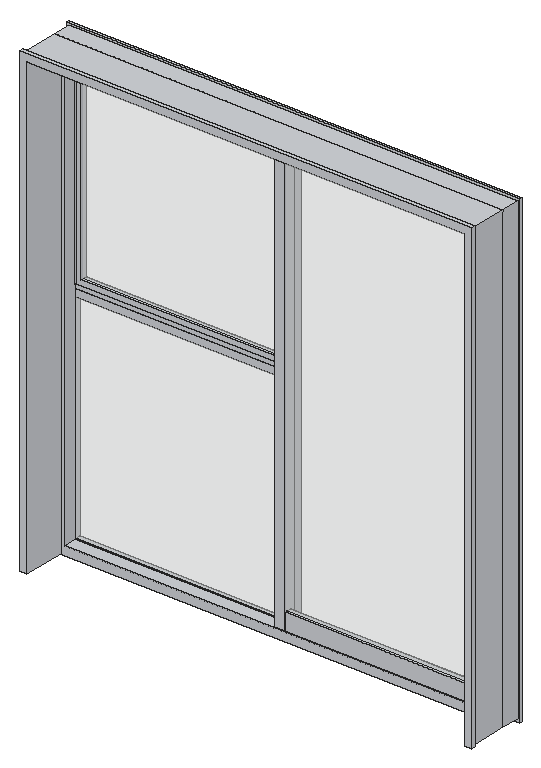
Revit family "APL Residential Thermal Heart Sliding Door SF with Sidelight", category Doors, host Wall, Revit 2017 (continued)
Definition of nested family "APL Residential Thermal Heart Sliding Door SF with Sidelight Horizontal Section"
  Definition of nested family "Jamb&Sash"
    Definition of nested family "65720_Sash"
      Lines and regions (mm)
        model lines, in view "Ref. Level"
          curve 169: line (20.114, 5.309, 0) -> (20.014, 4.834, 0)
          curve 170: line (20.014, 3.384, 0) -> (20.014, 3.009, 0)
          curve 171: line (20.014, 3.009, 0) -> (20.114, 2.409, 0)
          curve 172: line (19.714, 2.009, 0) -> (19.507, 2.009, 0)
          curve 173: line (19.507, 2.009, 0) -> (18.414, 2.609, 0)
          curve 174: line (18.414, 2.609, 0) -> (17.654, 3.048, 0)
          curve 175: line (16.946, 3.209, 0) -> (12.714, 3.209, 0)
          curve 176: line (12.714, 3.209, 0) -> (8.374, 3.209, 0)
          curve 177: line (7.774, 3.048, 0) -> (6.02, 2.036, 0)
          curve 178: line (6.02, 2.036, 0) -> (5.714, 2.009, 0)
          curve 179: line (5.314, 2.409, 0) -> (5.314, 2.909, 0)
          curve 180: line (5.314, 2.909, 0) -> (5.414, 3.384, 0)
          curve 181: line (5.414, 4.834, 0) -> (5.414, 5.209, 0)
          curve 182: line (5.414, 5.209, 0) -> (5.314, 5.809, 0)
          curve 183: line (5.714, 6.209, 0) -> (5.92, 6.209, 0)
          curve 184: line (5.92, 6.209, 0) -> (7.774, 5.17, 0)
          curve 185: line (8.374, 5.009, 0) -> (10.794, 5.009, 0)
          curve 186: line (11.794, 5.978, 0) -> (12.114, 13.768, 0)
          curve 187: arc (12.114, 13.768, 0) -> (12.293, 14.187, 0) -> (12.714, 14.359, 0) r 0.6
          curve 188: arc (5.3, -2.4, 0) -> (5.417, -2.117, 0) -> (5.7, -2, 0) r 0.4
          curve 189: arc (5.993, -2, 0) -> (6.096, -2.014, 0) -> (6.193, -2.054, 0) r 0.4
          curve 190: arc (7.721, -2.939, 0) -> (8.011, -3.059, 0) -> (8.322, -3.1, 0) r 1.2
          curve 191: arc (9.245, -3.1, 0) -> (9.818, -3.281, 0) -> (10.184, -3.758, 0) r 1
          curve 192: arc (10.977, -5.937, 0) -> (11.124, -6.128, 0) -> (11.353, -6.2, 0) r 0.4
          curve 193: arc (14.047, -6.2, 0) -> (14.276, -6.128, 0) -> (14.423, -5.937, 0) r 0.4
          curve 194: arc (15.216, -3.758, 0) -> (15.582, -3.281, 0) -> (16.155, -3.1, 0) r 1
          curve 195: arc (17.078, -3.1, 0) -> (17.389, -3.059, 0) -> (17.679, -2.939, 0) r 1.2
          curve 196: arc (19.207, -2.054, 0) -> (19.304, -2.014, 0) -> (19.407, -2, 0) r 0.4
          curve 197: arc (19.7, -2, 0) -> (19.983, -2.117, 0) -> (20.1, -2.4, 0) r 0.4
          curve 198: arc (20.1, -5.8, 0) -> (19.983, -6.083, 0) -> (19.7, -6.2, 0) r 0.4
          curve 199: arc (19.407, -6.2, 0) -> (19.304, -6.186, 0) -> (19.207, -6.146, 0) r 0.4
          curve 200: arc (17.679, -5.261, 0) -> (17.385, -5.14, 0) -> (17.07, -5.1, 0) r 1.2
          curve 201: arc (17.07, -5.1, 0) -> (16.895, -5.153, 0) -> (16.784, -5.297, 0) r 0.3
          curve 202: arc (15.896, -7.737, 0) -> (15.749, -7.928, 0) -> (15.52, -8, 0) r 0.4
          curve 203: arc (9.88, -8, 0) -> (9.651, -7.928, 0) -> (9.504, -7.737, 0) r 0.4
          curve 204: arc (8.616, -5.297, 0) -> (8.505, -5.153, 0) -> (8.33, -5.1, 0) r 0.3
          curve 205: arc (8.33, -5.1, 0) -> (8.015, -5.14, 0) -> (7.721, -5.261, 0) r 1.2
          curve 206: arc (6.193, -6.146, 0) -> (6.096, -6.186, 0) -> (5.993, -6.2, 0) r 0.4
          curve 207: arc (5.7, -6.2, 0) -> (5.417, -6.083, 0) -> (5.3, -5.8, 0) r 0.4
          curve 208: line (5.7, -2, 0) -> (5.993, -2, 0)
          curve 209: line (6.193, -2.054, 0) -> (7.721, -2.939, 0)
          curve 210: line (8.322, -3.1, 0) -> (9.245, -3.1, 0)
          curve 211: line (10.184, -3.758, 0) -> (10.977, -5.937, 0)
          curve 212: line (11.353, -6.2, 0) -> (14.047, -6.2, 0)
          curve 213: line (14.423, -5.937, 0) -> (15.216, -3.758, 0)
          curve 214: line (16.155, -3.1, 0) -> (17.078, -3.1, 0)
          curve 215: line (17.679, -2.939, 0) -> (19.207, -2.054, 0)
          curve 216: line (19.407, -2, 0) -> (19.7, -2, 0)
          curve 217: line (20.1, -2.4, 0) -> (20.1, -5.8, 0)
          curve 218: line (19.7, -6.2, 0) -> (19.407, -6.2, 0)
          curve 219: line (19.207, -6.146, 0) -> (17.679, -5.261, 0)
          curve 220: line (16.784, -5.297, 0) -> (15.896, -7.737, 0)
          curve 221: line (15.52, -8, 0) -> (9.88, -8, 0)
          curve 222: line (9.504, -7.737, 0) -> (8.616, -5.297, 0)
          curve 223: line (7.721, -5.261, 0) -> (6.193, -6.146, 0)
          curve 224: line (5.993, -6.2, 0) -> (5.7, -6.2, 0)
          curve 225: line (5.3, -5.8, 0) -> (5.3, -2.4, 0)
          curve 226: arc (7.8, -0.874, 0) -> (7.718, -0.477, 0) -> (7.485, -0.146, 0) r 1
          curve 227: arc (7.485, -0.146, 0) -> (7.422, 0, 0) -> (7.485, 0.146, 0) r 0.2
          curve 228: arc (7.485, 0.146, 0) -> (7.718, 0.477, 0) -> (7.8, 0.874, 0) r 1
          curve 229: arc (7.8, 2.449, 0) -> (7.673, 2.668, 0) -> (7.42, 2.663, 0) r 0.25
          curve 230: arc (7.334, 2.611, 0) -> (7.228, 2.479, 0) -> (7.231, 2.309, 0) r 0.25
          curve 231: arc (5.977, 1.544, 0) -> (5.902, 1.511, 0) -> (5.821, 1.5, 0) r 0.3
          curve 232: arc (5.3, 1.5, 0) -> (5.142, 1.578, 0) -> (5.106, 1.75, 0) r 0.2
          curve 233: arc (5.3, 5.753, 0) -> (5.274, 5.875, 0) -> (5.2, 5.976, 0) r 0.3
          curve 234: arc (5.2, 5.976, 0) -> (5.12, 6.307, 0) -> (5.4, 6.5, 0) r 0.3
          curve 235: arc (7.621, 5.957, 0) -> (7.71, 5.905, 0) -> (7.762, 5.816, 0) r 0.2
          curve 236: arc (7.807, 5.648, 0) -> (7.948, 5.507, 0) -> (8.141, 5.559, 0) r 0.2
          curve 237: arc (8.505, 5.922, 0) -> (8.565, 6.008, 0) -> (8.592, 6.108, 0) r 0.3
          curve 238: arc (8.799, 8.474, 0) -> (8.683, 8.738, 0) -> (8.397, 8.782, 0) r 0.3
          curve 239: arc (6.987, 8.268, 0) -> (6.861, 8.181, 0) -> (6.795, 8.043, 0) r 0.3
          curve 240: arc (6.795, 8.043, 0) -> (6.522, 7.801, 0) -> (6.217, 8, 0) r 0.3
          curve 241: arc (-3.3, 8, 0) -> (-4.007, 8.293, 0) -> (-4.3, 9, 0) r 1
          curve 242: arc (-4.3, 18.8, 0) -> (-4.241, 18.941, 0) -> (-4.1, 19, 0) r 0.2
          curve 243: arc (-3.2, 19, 0) -> (-2.493, 19.293, 0) -> (-2.2, 20, 0) r 1
          curve 244: arc (-2.2, 20.751, 0) -> (-2.7, 21.252, 0) -> (-3.2, 20.751, 0) r 0.5
          curve 245: arc (-3.2, 24.751, 0) -> (-2.7, 24.249, 0) -> (-2.2, 24.751, 0) r 0.5
          curve 246: arc (-2.2, 25.501, 0) -> (-2.493, 26.207, 0) -> (-3.199, 26.5, 0) r 0.999
          curve 247: arc (-4.7, 26.5, 0) -> (-5.407, 26.207, 0) -> (-5.7, 25.5, 0) r 1
          curve 248: arc (-5.7, -14.454, 0) -> (-5.548, -15.22, 0) -> (-5.114, -15.869, 0) r 2
          curve 249: arc (5.959, -26.941, 0) -> (6.177, -26.985, 0) -> (6.3, -26.8, 0) r 0.2
          curve 250: arc (6.3, -22.85, 0) -> (6.241, -22.709, 0) -> (6.1, -22.65, 0) r 0.2
          curve 251: arc (5.501, -22.65, 0) -> (5.359, -22.708, 0) -> (5.3, -22.85, 0) r 0.2
          curve 252: arc (5.3, -23.2, 0) -> (5.241, -23.341, 0) -> (5.1, -23.4, 0) r 0.201
          curve 253: arc (4.497, -23.4, 0) -> (4.357, -23.341, 0) -> (4.3, -23.2, 0) r 0.198
          curve 254: arc (4.3, -20.1, 0) -> (4.358, -19.96, 0) -> (4.497, -19.9, 0) r 0.2
          curve 255: arc (5.1, -19.9, 0) -> (5.241, -19.959, 0) -> (5.3, -20.1, 0) r 0.2
          curve 256: arc (5.3, -20.45, 0) -> (5.359, -20.591, 0) -> (5.5, -20.65, 0) r 0.2
          curve 257: arc (6.1, -20.65, 0) -> (6.241, -20.591, 0) -> (6.3, -20.45, 0) r 0.2
          curve 258: arc (6.3, -19.092, 0) -> (6.244, -18.951, 0) -> (6.1, -18.9, 0) r 0.184
          curve 259: arc (6.217, -8, 0) -> (6.522, -7.801, 0) -> (6.795, -8.043, 0) r 0.3
          curve 260: arc (6.795, -8.043, 0) -> (6.861, -8.181, 0) -> (6.987, -8.268, 0) r 0.3
          curve 261: arc (8.397, -8.782, 0) -> (8.683, -8.738, 0) -> (8.799, -8.474, 0) r 0.3
          curve 262: arc (8.592, -6.108, 0) -> (8.565, -6.008, 0) -> (8.505, -5.922, 0) r 0.3
          curve 263: arc (8.141, -5.559, 0) -> (7.948, -5.507, 0) -> (7.807, -5.648, 0) r 0.2
          curve 264: arc (7.762, -5.816, 0) -> (7.71, -5.905, 0) -> (7.621, -5.957, 0) r 0.2
          curve 265: arc (5.4, -6.5, 0) -> (5.12, -6.307, 0) -> (5.2, -5.976, 0) r 0.3
          curve 266: arc (5.2, -5.976, 0) -> (5.274, -5.875, 0) -> (5.3, -5.753, 0) r 0.3
          curve 267: arc (5.106, -1.75, 0) -> (5.142, -1.578, 0) -> (5.3, -1.5, 0) r 0.2
          curve 268: arc (5.82, -1.5, 0) -> (5.902, -1.511, 0) -> (5.977, -1.544, 0) r 0.3
          curve 269: arc (7.231, -2.309, 0) -> (7.228, -2.479, 0) -> (7.334, -2.611, 0) r 0.25
          curve 270: arc (7.42, -2.663, 0) -> (7.672, -2.668, 0) -> (7.8, -2.45, 0) r 0.25
          curve 271: arc (-0.454, 6.272, 0) -> (-0.427, 6.485, 0) -> (-0.608, 6.6, 0) r 0.2
          curve 272: arc (-3.4, 6.6, 0) -> (-4.107, 6.307, 0) -> (-4.4, 5.6, 0) r 1
          curve 273: arc (-4.4, -2.447, 0) -> (-4.254, -2.802, 0) -> (-3.9, -2.949, 0) r 0.5
          curve 274: arc (-2.4, -2.949, 0) -> (-1.693, -3.242, 0) -> (-1.4, -3.949, 0) r 1
          curve 275: arc (-1.4, -4.449, 0) -> (-1.9, -4.949, 0) -> (-2.4, -4.449, 0) r 0.5
          curve 276: arc (-4, -3.949, 0) -> (-4.283, -4.067, 0) -> (-4.4, -4.349, 0) r 0.4
          curve 277: arc (-4.4, -9.05, 0) -> (-4, -9.45, 0) -> (-4.4, -9.85, 0) r 0.4
          curve 278: arc (-4.4, -14.452, 0) -> (-4.347, -14.721, 0) -> (-4.195, -14.949, 0) r 0.7
          curve 279: arc (-2.4, -14.449, 0) -> (-1.9, -13.949, 0) -> (-1.4, -14.449, 0) r 0.5
          curve 280: arc (-1.4, -15.007, 0) -> (-1.602, -15.609, 0) -> (-2.125, -15.969, 0) r 1
          curve 281: arc (-2.125, -15.969, 0) -> (-2.472, -16.324, 0) -> (-2.341, -16.803, 0) r 0.5
          curve 282: arc (2.959, -22.103, 0) -> (3.177, -22.146, 0) -> (3.3, -21.962, 0) r 0.2
          curve 283: line (7.8, 0.874, 0) -> (7.8, 2.449, 0)
          curve 284: line (7.231, 2.309, 0) -> (5.977, 1.544, 0)
          curve 285: line (5.977, 1.544, 0) -> (5.3, 1.5, 0)
          curve 286: line (5.106, 1.75, 0) -> (5.294, 2.475, 0)
          curve 287: line (5.294, 2.475, 0) -> (5.3, 5.753, 0)
          curve 288: line (5.554, 6.5, 0) -> (7.621, 5.957, 0)
          curve 289: line (7.621, 5.957, 0) -> (7.807, 5.648, 0)
          curve 290: line (8.141, 5.559, 0) -> (8.505, 5.922, 0)
          curve 291: line (8.592, 6.108, 0) -> (8.799, 8.474, 0)
          curve 292: line (8.397, 8.782, 0) -> (6.987, 8.268, 0)
          curve 293: line (6.217, 8, 0) -> (-3.3, 8, 0)
          curve 294: line (-4.3, 9, 0) -> (-4.3, 18.8, 0)
          curve 295: line (-4.1, 19, 0) -> (-3.2, 19, 0)
          curve 296: line (-2.2, 20, 0) -> (-2.2, 20.751, 0)
          curve 297: line (-3.2, 20.751, 0) -> (-3.2, 20, 0)
          curve 298: line (-3.2, 20, 0) -> (-4.7, 20, 0)
          curve 299: line (-4.7, 20, 0) -> (-4.7, 25.5, 0)
          curve 300: line (-4.7, 25.5, 0) -> (-3.2, 25.5, 0)
          curve 301: line (-3.2, 25.5, 0) -> (-3.2, 24.751, 0)
          curve 302: line (-2.2, 24.751, 0) -> (-2.2, 25.501, 0)
          curve 303: line (-3.199, 26.5, 0) -> (-4.7, 26.5, 0)
          curve 304: line (-5.7, 25.5, 0) -> (-5.7, -14.454, 0)
          curve 305: line (-5.114, -15.869, 0) -> (5.959, -26.941, 0)
          curve 306: line (6.3, -26.8, 0) -> (6.3, -22.85, 0)
          curve 307: line (6.1, -22.65, 0) -> (5.501, -22.65, 0)
          curve 308: line (5.3, -22.85, 0) -> (5.3, -23.2, 0)
          curve 309: line (5.1, -23.4, 0) -> (4.497, -23.4, 0)
          curve 310: line (4.3, -23.2, 0) -> (4.3, -20.1, 0)
          curve 311: line (4.497, -19.9, 0) -> (5.1, -19.9, 0)
          curve 312: line (5.3, -20.1, 0) -> (5.3, -20.45, 0)
          curve 313: line (5.5, -20.65, 0) -> (6.1, -20.65, 0)
          curve 314: line (6.3, -20.45, 0) -> (6.3, -19.092, 0)
          curve 315: line (6.1, -18.9, 0) -> (4.6, -18.9, 0)
          curve 316: line (4.6, -18.9, 0) -> (4.6, -8, 0)
          curve 317: line (4.6, -8, 0) -> (6.217, -8, 0)
          curve 318: line (6.987, -8.268, 0) -> (8.397, -8.782, 0)
          curve 319: line (8.799, -8.474, 0) -> (8.592, -6.108, 0)
          curve 320: line (8.505, -5.922, 0) -> (8.141, -5.559, 0)
          curve 321: line (7.807, -5.648, 0) -> (7.762, -5.816, 0)
          curve 322: line (7.762, -5.816, 0) -> (5.632, -6.49, 0)
          curve 323: line (5.632, -6.49, 0) -> (5.4, -6.5, 0)
          curve 324: line (5.3, -5.753, 0) -> (5.3, -2.525, 0)
          curve 325: line (5.3, -2.525, 0) -> (5.106, -1.75, 0)
          curve 326: line (5.3, -1.5, 0) -> (5.82, -1.5, 0)
          curve 327: line (5.821, -1.5, 0) -> (7.231, -2.309, 0)
          curve 328: line (7.8, -2.45, 0) -> (7.8, -0.874, 0)
          curve 329: line (-0.608, 6.6, 0) -> (-3.4, 6.6, 0)
          curve 330: line (-4.4, 5.6, 0) -> (-4.4, -2.447, 0)
          curve 331: line (-3.9, -2.949, 0) -> (-2.4, -2.949, 0)
          curve 332: line (-1.4, -3.949, 0) -> (-1.4, -4.449, 0)
          curve 333: line (-2.4, -4.449, 0) -> (-2.4, -3.949, 0)
          curve 334: line (-2.4, -3.949, 0) -> (-4, -3.949, 0)
          curve 335: line (-4.4, -4.349, 0) -> (-4.4, -9.05, 0)
          curve 336: line (-4.4, -9.85, 0) -> (-4.4, -14.452, 0)
          curve 337: line (-4.195, -14.949, 0) -> (-2.4, -14.949, 0)
          curve 338: line (-2.4, -14.949, 0) -> (-2.4, -14.449, 0)
          curve 339: line (-1.4, -14.449, 0) -> (-1.4, -15.007, 0)
          curve 340: line (-2.341, -16.803, 0) -> (2.959, -22.103, 0)
          curve 341: line (3.3, -21.962, 0) -> (3.3, 2.193, 0)
          curve 342: arc (3.3, 2.193, 0) -> (3.272, 2.296, 0) -> (3.194, 2.37, 0) r 0.2
          curve 343: arc (3.194, 2.37, 0) -> (2.838, 2.85, 0) -> (2.984, 3.43, 0) r 0.7
          curve 344: arc (2.984, 3.43, 0) -> (3.33, 4.4, 0) -> (2.984, 5.37, 0) r 1.53
          curve 345: arc (2.984, 5.37, 0) -> (2.892, 5.514, 0) -> (2.838, 5.676, 0) r 0.7
          curve 346: arc (2.838, 5.676, 0) -> (2.741, 5.888, 0) -> (2.559, 6.032, 0) r 0.5
          curve 347: arc (2.559, 6.032, 0) -> (1.8, 6.2, 0) -> (1.041, 6.032, 0) r 1.8
          curve 348: arc (1.041, 6.032, 0) -> (0.859, 5.888, 0) -> (0.762, 5.676, 0) r 0.5
          curve 349: arc (0.762, 5.676, 0) -> (0.708, 5.514, 0) -> (0.616, 5.37, 0) r 0.7
          curve 350: arc (0.616, 5.37, 0) -> (0.27, 4.4, 0) -> (0.616, 3.43, 0) r 1.53
          curve 351: arc (0.616, 3.43, 0) -> (0.519, 2.445, 0) -> (-0.466, 2.543, 0) r 0.7
          curve 352: arc (-0.466, 2.543, 0) -> (-1.13, 4.41, 0) -> (-0.454, 6.272, 0) r 2.93
      Text (mm)
        text "65720" at (33.241, 33.025, 0), in view "Ref. Level"
  Definition of nested family "Glazing"
    Parameters (values of type "Glazing")
      Glass Lenght [instance] = 50 mm
    Reference planes
      plane 1 "Center (Front/Back)": y = 0
      plane 2: z = 0
      plane 3 "Center (Left/Right)": x = 0
      plane 4: y = -50
    Lines and regions (mm)
      Filled region 1, type "Solid Fill - Black", in view "Ref. Level"
        outline origin (0, 0, 0) x (1, 0, 0) y (0, 1, 0)
          loop
            line (4, 0) -> (4, -12) -> (20, -12) -> (20, 0) -> (4, 0)
      model lines, in view "Ref. Level"
        curve 1: line (4, -12, 0) -> (20, -12, 0)
        curve 2: line (0, -50, 0) -> (0, 0, 0)
        curve 3: line (0, 0, 0) -> (24, 0, 0)
        curve 4: line (24, 0, 0) -> (24, -50, 0)
        curve 5: line (20, 0, 0) -> (20, -50, 0)
        curve 6: line (4, 0, 0) -> (4, -50, 0)
      detail lines, in view "Ref. Level"
        curve 7: arc (-0.25, -4.9, 0) -> (0, -5.15, 0) -> (-0.25, -5.4, 0) r 0.25
        curve 8: arc (-0.25, -8.45, 0) -> (0, -8.7, 0) -> (-0.25, -8.95, 0) r 0.25
        curve 9: arc (-0.25, -9.619, 0) -> (0, -9.869, 0) -> (-0.25, -10.119, 0) r 0.25
        curve 10: arc (-0.25, -10.787, 0) -> (0, -11.037, 0) -> (-0.25, -11.287, 0) r 0.25
        curve 11: line (-0.25, -12.456, 0) -> (-1, -12.456, 0)
        curve 12: line (-1, -12.456, 0) -> (-1, -8.45, 0)
        curve 13: line (-1, -8.45, 0) -> (-2.2, -8.45, 0)
        curve 14: line (-2.2, -8.45, 0) -> (-2.2, -9.2, 0)
        curve 15: line (-2.2, -9.2, 0) -> (-2.8, -9.2, 0)
        curve 16: line (-2.8, -9.2, 0) -> (-2.8, -6.1, 0)
        curve 17: line (-2.8, -6.1, 0) -> (-2.2, -6.1, 0)
        curve 18: line (-2.2, -6.1, 0) -> (-2.2, -6.85, 0)
        curve 19: line (-2.2, -6.85, 0) -> (-1, -6.85, 0)
        curve 20: line (-1, -6.85, 0) -> (-1, -4.9, 0)
        curve 21: line (-1, -4.9, 0) -> (-0.25, -4.9, 0)
        curve 22: line (-0.25, -5.4, 0) -> (-0.25, -8.45, 0)
        curve 23: line (-0.25, -8.95, 0) -> (-0.25, -9.619, 0)
        curve 24: line (-0.25, -10.119, 0) -> (-0.25, -10.787, 0)
        curve 25: line (-0.25, -11.287, 0) -> (-0.25, -11.956, 0)
        curve 26: arc (-0.25, -11.956, 0) -> (0, -12.206, 0) -> (-0.25, -12.456, 0) r 0.25
        curve 27: arc (25, -10.728, 0) -> (24.979, -10.828, 0) -> (24.92, -10.912, 0) r 0.25
        curve 28: arc (24.161, -11.614, 0) -> (24.042, -11.78, 0) -> (24, -11.981, 0) r 0.5
        curve 29: arc (24, -13.404, 0) -> (24.088, -13.594, 0) -> (24.289, -13.651, 0) r 0.25
        curve 30: arc (28.489, -12.997, 0) -> (28.647, -12.904, 0) -> (28.699, -12.728, 0) r 0.25
        curve 31: arc (27.5, -8.1, 0) -> (27.711, -7.984, 0) -> (27.727, -7.744, 0) r 0.25
        curve 32: arc (26.033, -4.114, 0) -> (25.642, -3.858, 0) -> (25.24, -4.095, 0) r 0.442
        curve 33: arc (24.864, -4.812, 0) -> (24.414, -5.357, 0) -> (24.052, -5.964, 0) r 4.62
        curve 34: arc (24.052, -5.964, 0) -> (24.013, -6.073, 0) -> (24, -6.187, 0) r 0.5
        curve 35: arc (24, -6.743, 0) -> (24.132, -6.931, 0) -> (24.353, -6.871, 0) r 0.2
        curve 36: arc (24.353, -6.871, 0) -> (24.514, -6.711, 0) -> (24.702, -6.581, 0) r 1.262
        curve 37: arc (24.702, -6.581, 0) -> (24.901, -6.583, 0) -> (25, -6.756, 0) r 0.2
        curve 38: arc (25, -7.353, 0) -> (24.962, -7.543, 0) -> (24.855, -7.705, 0) r 0.5
        curve 39: arc (24.855, -7.705, 0) -> (24.408, -8.237, 0) -> (24.051, -8.833, 0) r 4.3
        curve 40: arc (24.051, -8.833, 0) -> (24.013, -8.941, 0) -> (24, -9.054, 0) r 0.5
        curve 41: arc (24, -9.668, 0) -> (24.137, -9.858, 0) -> (24.361, -9.787, 0) r 0.2
        curve 42: arc (24.361, -9.787, 0) -> (24.512, -9.617, 0) -> (24.69, -9.476, 0) r 1.288
        curve 43: arc (24.69, -9.476, 0) -> (24.895, -9.467, 0) -> (25, -9.643, 0) r 0.2
        curve 44: line (24.92, -10.912, 0) -> (24.161, -11.614, 0)
        curve 45: line (24, -11.981, 0) -> (24, -13.404, 0)
        curve 46: line (24.289, -13.651, 0) -> (28.489, -12.997, 0)
        curve 47: line (28.699, -12.728, 0) -> (28.548, -11, 0)
        curve 48: line (28.548, -11, 0) -> (27, -11, 0)
        curve 49: line (27, -11, 0) -> (27, -8.1, 0)
        curve 50: line (27, -8.1, 0) -> (27.5, -8.1, 0)
        curve 51: line (27.727, -7.744, 0) -> (26.033, -4.114, 0)
        curve 52: line (25.24, -4.095, 0) -> (24.864, -4.812, 0)
        curve 53: line (24, -6.187, 0) -> (24, -6.743, 0)
        curve 54: line (25, -6.756, 0) -> (25, -7.353, 0)
        curve 55: line (24, -9.054, 0) -> (24, -9.668, 0)
        curve 56: line (25, -9.643, 0) -> (25, -10.728, 0)
      detail lines, in view "Ref. Level", not visible
        curve 57: arc (-0.25, -4.9, 0) -> (0, -5.15, 0) -> (-0.25, -5.4, 0) r 0.25
        curve 58: arc (-0.25, -8.45, 0) -> (0, -8.7, 0) -> (-0.25, -8.95, 0) r 0.25
        curve 59: arc (-0.25, -9.619, 0) -> (0, -9.869, 0) -> (-0.25, -10.119, 0) r 0.25
        curve 60: arc (-0.25, -10.787, 0) -> (0, -11.037, 0) -> (-0.25, -11.287, 0) r 0.25
        curve 61: line (-0.25, -12.456, 0) -> (-1, -12.456, 0)
        curve 62: line (-1, -12.456, 0) -> (-1, -8.45, 0)
        curve 63: line (-1, -8.45, 0) -> (-2.2, -8.45, 0)
        curve 64: line (-2.2, -8.45, 0) -> (-2.2, -9.2, 0)
        curve 65: line (-2.2, -9.2, 0) -> (-2.8, -9.2, 0)
        curve 66: line (-2.8, -9.2, 0) -> (-2.8, -6.1, 0)
        curve 67: line (-2.8, -6.1, 0) -> (-2.2, -6.1, 0)
        curve 68: line (-2.2, -6.1, 0) -> (-2.2, -6.85, 0)
        curve 69: line (-2.2, -6.85, 0) -> (-1, -6.85, 0)
        curve 70: line (-1, -6.85, 0) -> (-1, -4.9, 0)
        curve 71: line (-1, -4.9, 0) -> (-0.25, -4.9, 0)
        curve 72: line (-0.25, -5.4, 0) -> (-0.25, -8.45, 0)
        curve 73: line (-0.25, -8.95, 0) -> (-0.25, -9.619, 0)
        curve 74: line (-0.25, -10.119, 0) -> (-0.25, -10.787, 0)
        curve 75: line (-0.25, -11.287, 0) -> (-0.25, -11.956, 0)
        curve 76: arc (-0.25, -11.956, 0) -> (0, -12.206, 0) -> (-0.25, -12.456, 0) r 0.25
        curve 77: arc (25, -10.728, 0) -> (24.979, -10.828, 0) -> (24.92, -10.912, 0) r 0.25
        curve 78: arc (24.161, -11.614, 0) -> (24.042, -11.78, 0) -> (24, -11.981, 0) r 0.5
        curve 79: arc (24, -13.404, 0) -> (24.088, -13.594, 0) -> (24.289, -13.651, 0) r 0.25
        curve 80: arc (28.489, -12.997, 0) -> (28.647, -12.904, 0) -> (28.699, -12.728, 0) r 0.25
        curve 81: arc (27.5, -8.1, 0) -> (27.711, -7.984, 0) -> (27.727, -7.744, 0) r 0.25
        curve 82: arc (26.033, -4.114, 0) -> (25.642, -3.858, 0) -> (25.24, -4.095, 0) r 0.442
        curve 83: arc (24.864, -4.812, 0) -> (24.414, -5.357, 0) -> (24.052, -5.964, 0) r 4.62
        curve 84: arc (24.052, -5.964, 0) -> (24.013, -6.073, 0) -> (24, -6.187, 0) r 0.5
        curve 85: arc (24, -6.743, 0) -> (24.132, -6.931, 0) -> (24.353, -6.871, 0) r 0.2
        curve 86: arc (24.353, -6.871, 0) -> (24.514, -6.711, 0) -> (24.702, -6.581, 0) r 1.262
        curve 87: arc (24.702, -6.581, 0) -> (24.901, -6.583, 0) -> (25, -6.756, 0) r 0.2
        curve 88: arc (25, -7.353, 0) -> (24.962, -7.543, 0) -> (24.855, -7.705, 0) r 0.5
        curve 89: arc (24.855, -7.705, 0) -> (24.408, -8.237, 0) -> (24.051, -8.833, 0) r 4.3
        curve 90: arc (24.051, -8.833, 0) -> (24.013, -8.941, 0) -> (24, -9.054, 0) r 0.5
        curve 91: arc (24, -9.668, 0) -> (24.137, -9.858, 0) -> (24.361, -9.787, 0) r 0.2
        curve 92: arc (24.361, -9.787, 0) -> (24.512, -9.617, 0) -> (24.69, -9.476, 0) r 1.288
        curve 93: arc (24.69, -9.476, 0) -> (24.895, -9.467, 0) -> (25, -9.643, 0) r 0.2
        curve 94: line (24.92, -10.912, 0) -> (24.161, -11.614, 0)
        curve 95: line (24, -11.981, 0) -> (24, -13.404, 0)
        curve 96: line (24.289, -13.651, 0) -> (28.489, -12.997, 0)
        curve 97: line (28.699, -12.728, 0) -> (28.548, -11, 0)
        curve 98: line (28.548, -11, 0) -> (27, -11, 0)
        curve 99: line (27, -11, 0) -> (27, -8.1, 0)
        curve 100: line (27, -8.1, 0) -> (27.5, -8.1, 0)
        curve 101: line (27.727, -7.744, 0) -> (26.033, -4.114, 0)
        curve 102: line (25.24, -4.095, 0) -> (24.864, -4.812, 0)
        curve 103: line (24, -6.187, 0) -> (24, -6.743, 0)
        curve 104: line (25, -6.756, 0) -> (25, -7.353, 0)
        curve 105: line (24, -9.054, 0) -> (24, -9.668, 0)
        curve 106: line (25, -9.643, 0) -> (25, -10.728, 0)
    Dimensions and locks
      "Glass Lenght": plane 1 "Center (Front/Back)" to plane 4
      aligned and locked: plane 4 to curve 2
      aligned and locked: plane 1 "Center (Front/Back)" to Filled region 1 sketch curve
      aligned and locked: Filled region 1 sketch curve to curve 6
      aligned and locked: Filled region 1 sketch curve to curve 1
      aligned and locked: Filled region 1 sketch curve to curve 5
    Automatic sketch dimensions
      plane 1 "Center (Front/Back)" to curve 2 = 0 mm
      curve 2 to plane 3 "Center (Left/Right)" = 0 mm
      curve 6 to plane 4 = 0 mm
      curve 5 to plane 4 = 0 mm
      curve 4 to plane 4 = 0 mm
      curve 5 to curve 3 = 4 mm
      curve 1 to curve 1 = 16 mm
      plane 1 "Center (Front/Back)" to curve 1 = 12 mm
      plane 3 "Center (Left/Right)" to curve 6 = 4 mm
Definition of nested family "APL Residential Thermal Heart Sliding Door SF Vertical Section"
  Parameters (values of type "Groove Liner")
    Sill Liner = yes
    Liner End [instance] = 10 mm
    Liner Block = Liner : Liner
    Liner [instance] = 100 mm
    Head Liner = yes
    Groove [instance] = 10 mm
    Glass Length [instance] = Box Height - 217.9 mm  # 282.1 mm
    Box Height [instance] = 500 mm
  Types (2, lengths in mm): name | Liner Block
    Groove Liner | Liner : Liner
    Liner | Liner No Groove : Liner No Groove
  Reference planes
    plane 1 "Center (Front/Back)": x = -395.946
    plane 2: z = 0
    plane 3 "Center (Left/Right)": y = 126.603
    plane 4: y = 376.603
    plane 5: y = -123.397
    plane 6: x = -283.977
    plane 7: x = -284.446
    plane 8: x = -377.596
    plane 9: y = -128.397
  Dimensions and locks
    equal spacing: plane 4, plane 3 "Center (Left/Right)", plane 5
    "Box Height": plane 4 to plane 5
    "Liner": plane 6 to nested 1
    "Liner": plane 7 to nested 2
    locked: nested 5 to nested 1 at 22.396
    locked: nested 2 to nested 6 at 22.397
    locked: nested 3 to nested 5 at 6
    locked: nested 6 to nested 4 at 6
    locked: nested 3 to plane 4 at 92
    locked: plane 5 to nested 4 at 120.801
    locked: plane 9 to nested 6 at 5
    locked: nested 6 to plane 8 at 5
    aligned and locked: plane 7 to nested 2
  Nested families
    nested 1: "Liner" at (-283.977, 355.999, 0), type <- "Liner Block", visible <- "Head Liner", type "Liner", in view "Left", detail levels fine
      with built-in parameter 1001306 0.32808 (stored number, unit not read)
    nested 2: "Liner" at (-284.446, -102.794, 0), type <- "Liner Block", visible <- "Sill Liner", type "Liner", in view "Left", detail levels fine
      with built-in parameter 1001306 0.32808 (stored number, unit not read)
    nested 3: "Glass" at (-317.757, 284.602, 0), Glass Lenght <- "Glass Length", type "Glass", in view "Left", detail levels fine
      with Glass Lenght 282.1 mm
    nested 4: "Glass" at (-317.757, -2.597, 0), Glass Lenght <- "Glass Length", type "Glass", in view "Left", detail levels fine
      with Glass Lenght 282.1 mm
    nested 5: "Head Two Panel" at (-395.946, 376.603, 0), type "Head Two Panel", in view "Left", detail levels fine
    nested 6: "Sill Two Panel" at (-308.917, -123.397, 0), type "Sill Two Panel", in view "Left", detail levels fine
  Definition of nested family "Liner"
    Parameters (values of type "Liner")
      Type Image = (empty or 0)
      built-in parameter 1001306 [instance] = 100 mm
      Groove [instance] = 10 mm
      End Liner [instance] = 10 mm
    Reference planes
      plane 1 "Center (Front/Back)": y = 0
      plane 2: z = 0
      plane 3 "Left": x = 0
      plane 4 "Right": x = 100
    Lines and regions (mm)
      Filled region 1, type "Brick", in view "Ref. Level"
        outline origin (0, 0, 0) x (1, 0, 0) y (0, 1, 0)
          loop
            line (0, 0) -> (120, 0) -> (120, 19) -> (110, 19) -> (110, 13.435) -> (100, 13.435) -> (100, 19) -> (0, 19) -> (0, 0)
      reference lines, in view "Ref. Level"
        curve 1: line (0, 0, 0) -> (100, 0, 0)
      detail lines, in view "Ref. Level", detail levels fine
        curve 2: line (100, 0, 0) -> (0, 0, 0)
    Dimensions and locks
      "built-in parameter 1001306": plane 3 "Left" to plane 4 "Right"
      locked: Filled region 1 to curve 2 at 19
      "Groove": plane 4 "Right" to Filled region 1
      "End Liner": Filled region 1 to Filled region 1
      aligned and locked: plane 1 "Center (Front/Back)" to curve 1
      aligned and locked: plane 3 "Left" to curve 1
      aligned and locked: plane 4 "Right" to curve 1
      aligned and locked: curve 1 to Filled region 1
      aligned and locked: plane 1 "Center (Front/Back)" to Filled region 1
      aligned and locked: Filled region 1 to plane 3 "Left"
    Automatic sketch dimensions
      curve 2 to plane 4 "Right" = 0 mm
      Filled region 1 sketch curve to plane 3 "Left" = 0 mm
      Filled region 1 sketch curve to plane 4 "Right" = 0 mm
      Filled region 1 sketch curve to Filled region 1 sketch curve = 10 mm  (x2)
      Filled region 1 sketch curve to plane 1 "Center (Front/Back)" = 0 mm
      Filled region 1 sketch curve to plane 1 "Center (Front/Back)" = 13.435 mm
      Filled region 1 sketch curve to Filled region 1 sketch curve = 5.565 mm  (x2)
      curve 2 to plane 3 "Left" = 0 mm
  Definition of nested family "Glass"
    Parameters (values of type "Glass")
      Glass Lenght [instance] = 50 mm
    Reference planes
      plane 1 "Center (Front/Back)": y = 0
      plane 2: z = 0
      plane 3 "Center (Left/Right)": x = 0
      plane 4: y = -50
    Lines and regions (mm)
      Filled region 1, type "Solid Fill - Black", in view "Ref. Level"
        outline origin (0, 0, 0) x (1, 0, 0) y (0, 1, 0)
          loop
            line (4, 0) -> (4, -12) -> (20, -12) -> (20, 0) -> (4, 0)
      model lines, in view "Ref. Level"
        curve 1: line (4, -12, 0) -> (20, -12, 0)
        curve 2: line (0, -50, 0) -> (0, 0, 0)
        curve 3: line (0, 0, 0) -> (24, 0, 0)
        curve 4: line (24, 0, 0) -> (24, -50, 0)
        curve 5: line (20, 0, 0) -> (20, -50, 0)
        curve 6: line (4, 0, 0) -> (4, -50, 0)
      detail lines, in view "Ref. Level"
        curve 7: arc (25, -11.728, 0) -> (24.979, -11.828, 0) -> (24.92, -11.912, 0) r 0.25
        curve 8: arc (24.161, -12.614, 0) -> (24.042, -12.78, 0) -> (24, -12.981, 0) r 0.5
        curve 9: arc (24, -14.404, 0) -> (24.088, -14.594, 0) -> (24.289, -14.651, 0) r 0.25
        curve 10: arc (28.489, -13.997, 0) -> (28.647, -13.904, 0) -> (28.699, -13.728, 0) r 0.25
        curve 11: arc (27.5, -9.1, 0) -> (27.711, -8.984, 0) -> (27.727, -8.744, 0) r 0.25
        curve 12: arc (26.033, -5.114, 0) -> (25.642, -4.858, 0) -> (25.24, -5.095, 0) r 0.442
        curve 13: arc (24.864, -5.812, 0) -> (24.414, -6.357, 0) -> (24.052, -6.964, 0) r 4.62
        curve 14: arc (24.052, -6.964, 0) -> (24.013, -7.073, 0) -> (24, -7.187, 0) r 0.5
        curve 15: arc (24, -7.743, 0) -> (24.132, -7.931, 0) -> (24.353, -7.871, 0) r 0.2
        curve 16: arc (24.353, -7.871, 0) -> (24.514, -7.711, 0) -> (24.702, -7.581, 0) r 1.262
        curve 17: arc (24.702, -7.581, 0) -> (24.901, -7.583, 0) -> (25, -7.756, 0) r 0.2
        curve 18: arc (25, -8.353, 0) -> (24.962, -8.543, 0) -> (24.855, -8.705, 0) r 0.5
        curve 19: arc (24.855, -8.705, 0) -> (24.408, -9.237, 0) -> (24.051, -9.833, 0) r 4.3
        curve 20: arc (24.051, -9.833, 0) -> (24.013, -9.941, 0) -> (24, -10.054, 0) r 0.5
        curve 21: arc (24, -10.668, 0) -> (24.137, -10.858, 0) -> (24.361, -10.787, 0) r 0.2
        curve 22: arc (24.361, -10.787, 0) -> (24.512, -10.617, 0) -> (24.69, -10.476, 0) r 1.288
        curve 23: arc (24.69, -10.476, 0) -> (24.895, -10.467, 0) -> (25, -10.643, 0) r 0.2
        curve 24: line (24.92, -11.912, 0) -> (24.161, -12.614, 0)
        curve 25: line (24, -12.981, 0) -> (24, -14.404, 0)
        curve 26: line (24.289, -14.651, 0) -> (28.489, -13.997, 0)
        curve 27: line (28.699, -13.728, 0) -> (28.548, -12, 0)
        curve 28: line (28.548, -12, 0) -> (27, -12, 0)
        curve 29: line (27, -12, 0) -> (27, -9.1, 0)
        curve 30: line (27, -9.1, 0) -> (27.5, -9.1, 0)
        curve 31: line (27.727, -8.744, 0) -> (26.033, -5.114, 0)
        curve 32: line (25.24, -5.095, 0) -> (24.864, -5.812, 0)
        curve 33: line (24, -7.187, 0) -> (24, -7.743, 0)
        curve 34: line (25, -7.756, 0) -> (25, -8.353, 0)
        curve 35: line (24, -10.054, 0) -> (24, -10.668, 0)
        curve 36: line (25, -10.643, 0) -> (25, -11.728, 0)
        curve 87: arc (-0.25, -13, 0) -> (0, -12.75, 0) -> (-0.25, -12.5, 0) r 0.25
        curve 88: arc (-0.25, -9.45, 0) -> (0, -9.2, 0) -> (-0.25, -8.95, 0) r 0.25
        curve 89: arc (-0.25, -8.281, 0) -> (0, -8.031, 0) -> (-0.25, -7.781, 0) r 0.25
        curve 90: arc (-0.25, -7.113, 0) -> (0, -6.863, 0) -> (-0.25, -6.613, 0) r 0.25
        curve 91: line (-0.25, -5.444, 0) -> (-1, -5.444, 0)
        curve 92: line (-1, -5.444, 0) -> (-1, -9.45, 0)
        curve 93: line (-1, -9.45, 0) -> (-2.2, -9.45, 0)
        curve 94: line (-2.2, -9.45, 0) -> (-2.2, -8.7, 0)
        curve 95: line (-2.2, -8.7, 0) -> (-2.8, -8.7, 0)
        curve 96: line (-2.8, -8.7, 0) -> (-2.8, -11.8, 0)
        curve 97: line (-2.8, -11.8, 0) -> (-2.2, -11.8, 0)
        curve 98: line (-2.2, -11.8, 0) -> (-2.2, -11.05, 0)
        curve 99: line (-2.2, -11.05, 0) -> (-1, -11.05, 0)
        curve 100: line (-1, -11.05, 0) -> (-1, -13, 0)
        curve 101: line (-1, -13, 0) -> (-0.25, -13, 0)
        curve 102: line (-0.25, -12.5, 0) -> (-0.25, -9.45, 0)
        curve 103: line (-0.25, -8.95, 0) -> (-0.25, -8.281, 0)
        curve 104: line (-0.25, -7.781, 0) -> (-0.25, -7.113, 0)
        curve 105: line (-0.25, -6.613, 0) -> (-0.25, -5.944, 0)
        curve 106: arc (-0.25, -5.944, 0) -> (0, -5.694, 0) -> (-0.25, -5.444, 0) r 0.25
      detail lines, in view "Ref. Level", not visible
        curve 37: arc (-0.25, -4.9, 0) -> (0, -5.15, 0) -> (-0.25, -5.4, 0) r 0.25
        curve 38: arc (-0.25, -8.45, 0) -> (0, -8.7, 0) -> (-0.25, -8.95, 0) r 0.25
        curve 39: arc (-0.25, -9.619, 0) -> (0, -9.869, 0) -> (-0.25, -10.119, 0) r 0.25
        curve 40: arc (-0.25, -10.787, 0) -> (0, -11.037, 0) -> (-0.25, -11.287, 0) r 0.25
        curve 41: line (-0.25, -12.456, 0) -> (-1, -12.456, 0)
        curve 42: line (-1, -12.456, 0) -> (-1, -8.45, 0)
        curve 43: line (-1, -8.45, 0) -> (-2.2, -8.45, 0)
        curve 44: line (-2.2, -8.45, 0) -> (-2.2, -9.2, 0)
        curve 45: line (-2.2, -9.2, 0) -> (-2.8, -9.2, 0)
        curve 46: line (-2.8, -9.2, 0) -> (-2.8, -6.1, 0)
        curve 47: line (-2.8, -6.1, 0) -> (-2.2, -6.1, 0)
        curve 48: line (-2.2, -6.1, 0) -> (-2.2, -6.85, 0)
        curve 49: line (-2.2, -6.85, 0) -> (-1, -6.85, 0)
        curve 50: line (-1, -6.85, 0) -> (-1, -4.9, 0)
        curve 51: line (-1, -4.9, 0) -> (-0.25, -4.9, 0)
        curve 52: line (-0.25, -5.4, 0) -> (-0.25, -8.45, 0)
        curve 53: line (-0.25, -8.95, 0) -> (-0.25, -9.619, 0)
        curve 54: line (-0.25, -10.119, 0) -> (-0.25, -10.787, 0)
        curve 55: line (-0.25, -11.287, 0) -> (-0.25, -11.956, 0)
        curve 56: arc (-0.25, -11.956, 0) -> (0, -12.206, 0) -> (-0.25, -12.456, 0) r 0.25
        curve 57: arc (25, -10.728, 0) -> (24.979, -10.828, 0) -> (24.92, -10.912, 0) r 0.25
        curve 58: arc (24.161, -11.614, 0) -> (24.042, -11.78, 0) -> (24, -11.981, 0) r 0.5
        curve 59: arc (24, -13.404, 0) -> (24.088, -13.594, 0) -> (24.289, -13.651, 0) r 0.25
        curve 60: arc (28.489, -12.997, 0) -> (28.647, -12.904, 0) -> (28.699, -12.728, 0) r 0.25
        curve 61: arc (27.5, -8.1, 0) -> (27.711, -7.984, 0) -> (27.727, -7.744, 0) r 0.25
        curve 62: arc (26.033, -4.114, 0) -> (25.642, -3.858, 0) -> (25.24, -4.095, 0) r 0.442
        curve 63: arc (24.864, -4.812, 0) -> (24.414, -5.357, 0) -> (24.052, -5.964, 0) r 4.62
        curve 64: arc (24.052, -5.964, 0) -> (24.013, -6.073, 0) -> (24, -6.187, 0) r 0.5
        curve 65: arc (24, -6.743, 0) -> (24.132, -6.931, 0) -> (24.353, -6.871, 0) r 0.2
        curve 66: arc (24.353, -6.871, 0) -> (24.514, -6.711, 0) -> (24.702, -6.581, 0) r 1.262
        curve 67: arc (24.702, -6.581, 0) -> (24.901, -6.583, 0) -> (25, -6.756, 0) r 0.2
        curve 68: arc (25, -7.353, 0) -> (24.962, -7.543, 0) -> (24.855, -7.705, 0) r 0.5
        curve 69: arc (24.855, -7.705, 0) -> (24.408, -8.237, 0) -> (24.051, -8.833, 0) r 4.3
        curve 70: arc (24.051, -8.833, 0) -> (24.013, -8.941, 0) -> (24, -9.054, 0) r 0.5
        curve 71: arc (24, -9.668, 0) -> (24.137, -9.858, 0) -> (24.361, -9.787, 0) r 0.2
        curve 72: arc (24.361, -9.787, 0) -> (24.512, -9.617, 0) -> (24.69, -9.476, 0) r 1.288
        curve 73: arc (24.69, -9.476, 0) -> (24.895, -9.467, 0) -> (25, -9.643, 0) r 0.2
        curve 74: line (24.92, -10.912, 0) -> (24.161, -11.614, 0)
        curve 75: line (24, -11.981, 0) -> (24, -13.404, 0)
        curve 76: line (24.289, -13.651, 0) -> (28.489, -12.997, 0)
        curve 77: line (28.699, -12.728, 0) -> (28.548, -11, 0)
        curve 78: line (28.548, -11, 0) -> (27, -11, 0)
        curve 79: line (27, -11, 0) -> (27, -8.1, 0)
        curve 80: line (27, -8.1, 0) -> (27.5, -8.1, 0)
        curve 81: line (27.727, -7.744, 0) -> (26.033, -4.114, 0)
        curve 82: line (25.24, -4.095, 0) -> (24.864, -4.812, 0)
        curve 83: line (24, -6.187, 0) -> (24, -6.743, 0)
        curve 84: line (25, -6.756, 0) -> (25, -7.353, 0)
        curve 85: line (24, -9.054, 0) -> (24, -9.668, 0)
        curve 86: line (25, -9.643, 0) -> (25, -10.728, 0)
    Dimensions and locks
      "Glass Lenght": plane 1 "Center (Front/Back)" to plane 4
      aligned and locked: plane 4 to curve 2
      aligned and locked: plane 1 "Center (Front/Back)" to Filled region 1 sketch curve
      aligned and locked: Filled region 1 sketch curve to curve 6
      aligned and locked: Filled region 1 sketch curve to curve 1
      aligned and locked: Filled region 1 sketch curve to curve 5
    Automatic sketch dimensions
      plane 1 "Center (Front/Back)" to curve 2 = 0 mm
      curve 2 to plane 3 "Center (Left/Right)" = 0 mm
      curve 6 to plane 4 = 0 mm
      curve 5 to plane 4 = 0 mm
      curve 4 to plane 4 = 0 mm
      curve 5 to curve 3 = 4 mm
      curve 1 to curve 1 = 16 mm
      plane 1 "Center (Front/Back)" to curve 1 = 12 mm
      plane 3 "Center (Left/Right)" to curve 6 = 4 mm
  Definition of nested family "Head Two Panel"
    Reference planes
      plane 1 "Center (Front/Back)": y = 0
      plane 2: z = 0
      plane 3 "Center (Left/Right)": x = 0
    Dimensions and locks
      nested 1 to nested 2 = 7 mm
    Nested families
      nested 1: "65460_Door Top And Window Rail" at (74, -105, 0), type "65460_Door Top And Window Rail", in view "Ref. Level"
      nested 2: "65400_Frame Head" at (0, 0, 0), type "65400_Frame Head", in view "Ref. Level"
      nested 3: "65575_Threshold" at (0, -24, 0), type "65575_Threshold", in view "Ref. Level"
    Definition of nested family "65460_Door Top And Window Rail"
      Reference planes
        plane 1 "Center (Front/Back)": y = 0
        plane 2: z = 0
        plane 3 "Center (Left/Right)": x = 0
      Lines and regions (mm)
        detail lines, in view "Ref. Level"
          curve 1: arc (20.155, 25.72, 0) -> (19.65, 25.078, 0) -> (19.29, 24.346, 0) r 3.9
          curve 2: arc (19.29, 24.346, 0) -> (19.067, 24.218, 0) -> (18.902, 24.415, 0) r 0.2
          curve 3: arc (18.902, 31.835, 0) -> (19.067, 32.032, 0) -> (19.29, 31.904, 0) r 0.2
          curve 4: arc (19.29, 31.904, 0) -> (19.65, 31.172, 0) -> (20.155, 30.53, 0) r 3.9
          curve 5: arc (20.155, 30.53, 0) -> (21.428, 30.513, 0) -> (21.445, 31.786, 0) r 0.9
          curve 6: arc (21.445, 31.786, 0) -> (20.85, 33.25, 0) -> (21.445, 34.715, 0) r 2.1
          curve 7: arc (21.445, 34.715, 0) -> (21.57, 34.877, 0) -> (21.656, 35.064, 0) r 0.9
          curve 8: arc (21.656, 35.064, 0) -> (21.753, 35.236, 0) -> (21.91, 35.358, 0) r 0.5
          curve 9: arc (21.91, 35.358, 0) -> (22.95, 35.6, 0) -> (23.99, 35.358, 0) r 2.35
          curve 10: arc (23.99, 35.358, 0) -> (24.147, 35.236, 0) -> (24.244, 35.064, 0) r 0.5
          curve 11: arc (24.244, 35.064, 0) -> (24.33, 34.877, 0) -> (24.455, 34.715, 0) r 0.9
          curve 12: arc (24.455, 34.715, 0) -> (25.05, 33.25, 0) -> (24.455, 31.786, 0) r 2.1
          curve 13: arc (24.455, 31.786, 0) -> (24.472, 30.513, 0) -> (25.745, 30.53, 0) r 0.9
          curve 14: arc (25.745, 30.53, 0) -> (26.799, 32.619, 0) -> (26.468, 34.934, 0) r 3.9
          curve 15: arc (26.468, 34.934, 0) -> (26.496, 35.417, 0) -> (26.919, 35.65, 0) r 0.5
          curve 16: arc (31.08, 35.65, 0) -> (31.402, 35.533, 0) -> (31.572, 35.236, 0) r 0.5
          curve 17: arc (31.572, 21.014, 0) -> (31.402, 20.717, 0) -> (31.08, 20.6, 0) r 0.5
          curve 18: arc (26.919, 20.6, 0) -> (26.496, 20.834, 0) -> (26.468, 21.316, 0) r 0.5
          curve 19: arc (26.468, 21.316, 0) -> (26.799, 23.631, 0) -> (25.745, 25.72, 0) r 3.9
          curve 20: arc (25.745, 25.72, 0) -> (24.472, 25.737, 0) -> (24.455, 24.464, 0) r 0.9
          curve 21: arc (24.455, 24.464, 0) -> (25.05, 23, 0) -> (24.455, 21.535, 0) r 2.1
          curve 22: arc (24.455, 21.535, 0) -> (24.33, 21.373, 0) -> (24.244, 21.186, 0) r 0.9
          curve 23: arc (24.244, 21.186, 0) -> (24.147, 21.014, 0) -> (23.99, 20.892, 0) r 0.5
          curve 24: arc (23.99, 20.892, 0) -> (22.95, 20.65, 0) -> (21.91, 20.892, 0) r 2.35
          curve 25: arc (21.91, 20.892, 0) -> (21.753, 21.014, 0) -> (21.656, 21.186, 0) r 0.5
          curve 26: arc (21.656, 21.186, 0) -> (21.57, 21.373, 0) -> (21.445, 21.535, 0) r 0.9
          curve 27: arc (21.445, 21.535, 0) -> (20.85, 23, 0) -> (21.445, 24.464, 0) r 2.1
          curve 28: arc (21.445, 24.464, 0) -> (21.428, 25.737, 0) -> (20.155, 25.72, 0) r 0.9
          curve 29: arc (17.002, 21.247, 0) -> (17.028, 21.125, 0) -> (17.102, 21.023, 0) r 0.3
          curve 30: arc (17.102, 21.023, 0) -> (17.182, 20.693, 0) -> (16.902, 20.5, 0) r 0.3
          curve 31: arc (14.681, 21.043, 0) -> (14.592, 21.095, 0) -> (14.54, 21.184, 0) r 0.2
          curve 32: arc (14.495, 21.352, 0) -> (14.354, 21.493, 0) -> (14.161, 21.441, 0) r 0.2
          curve 33: arc (13.797, 21.077, 0) -> (13.737, 20.992, 0) -> (13.71, 20.891, 0) r 0.3
          curve 34: arc (13.503, 18.526, 0) -> (13.619, 18.262, 0) -> (13.905, 18.218, 0) r 0.3
          curve 35: arc (15.315, 18.731, 0) -> (15.441, 18.819, 0) -> (15.507, 18.957, 0) r 0.3
          curve 36: arc (15.507, 18.957, 0) -> (15.78, 19.199, 0) -> (16.085, 19, 0) r 0.3
          curve 37: arc (31.1, 19, 0) -> (31.414, 18.904, 0) -> (31.601, 18.633, 0) r 0.5
          curve 38: arc (32.601, 3.535, 0) -> (32.523, 3.377, 0) -> (32.349, 3.342, 0) r 0.2
          curve 39: arc (31.453, 3.583, 0) -> (31.279, 3.548, 0) -> (31.201, 3.389, 0) r 0.2
          curve 40: arc (31.439, 1.205, 0) -> (31.508, 1.087, 0) -> (31.636, 1.04, 0) r 0.2
          curve 41: arc (32.901, 0.203, 0) -> (32.959, 0.06, 0) -> (33.101, 0, 0) r 0.2
          curve 42: arc (33.8, 0, 0) -> (33.941, 0.059, 0) -> (34, 0.2, 0) r 0.2
          curve 43: arc (34, 71.5, 0) -> (33.854, 71.854, 0) -> (33.5, 72, 0) r 0.5
          curve 44: arc (32.4, 72, 0) -> (32.259, 71.942, 0) -> (32.2, 71.8, 0) r 0.2
          curve 45: arc (32.2, 57.95, 0) -> (32.141, 57.809, 0) -> (32, 57.75, 0) r 0.2
          curve 46: arc (29.4, 57.75, 0) -> (29.259, 57.692, 0) -> (29.2, 57.55, 0) r 0.2
          curve 47: arc (29.2, 56.45, 0) -> (29.259, 56.309, 0) -> (29.4, 56.25, 0) r 0.2
          curve 48: arc (32, 56.25, 0) -> (32.141, 56.192, 0) -> (32.2, 56.05, 0) r 0.2
          curve 49: arc (32.2, 42.95, 0) -> (32.141, 42.809, 0) -> (32, 42.75, 0) r 0.2
          curve 50: arc (29.4, 42.75, 0) -> (29.259, 42.692, 0) -> (29.2, 42.55, 0) r 0.2
          curve 51: arc (29.2, 41.45, 0) -> (29.259, 41.309, 0) -> (29.4, 41.25, 0) r 0.2
          curve 52: arc (32, 41.25, 0) -> (32.141, 41.192, 0) -> (32.2, 41.05, 0) r 0.2
          curve 53: arc (31.601, 37.618, 0) -> (31.422, 37.352, 0) -> (31.119, 37.25, 0) r 0.5
          curve 54: arc (16.085, 37.25, 0) -> (15.78, 37.051, 0) -> (15.507, 37.293, 0) r 0.3
          curve 55: arc (15.507, 37.293, 0) -> (15.441, 37.431, 0) -> (15.315, 37.519, 0) r 0.3
          curve 56: arc (13.905, 38.032, 0) -> (13.619, 37.988, 0) -> (13.503, 37.724, 0) r 0.3
          curve 57: arc (13.71, 35.359, 0) -> (13.737, 35.258, 0) -> (13.797, 35.173, 0) r 0.3
          curve 58: arc (14.161, 34.809, 0) -> (14.354, 34.757, 0) -> (14.495, 34.898, 0) r 0.2
          curve 59: arc (14.54, 35.066, 0) -> (14.592, 35.155, 0) -> (14.681, 35.207, 0) r 0.2
          curve 60: arc (16.902, 35.75, 0) -> (17.182, 35.557, 0) -> (17.102, 35.227, 0) r 0.3
          curve 61: arc (17.102, 35.227, 0) -> (17.028, 35.125, 0) -> (17.002, 35.003, 0) r 0.3
          curve 62: arc (17.196, 31, 0) -> (17.16, 30.828, 0) -> (17.002, 30.75, 0) r 0.2
          curve 63: arc (16.482, 30.75, 0) -> (16.4, 30.761, 0) -> (16.325, 30.794, 0) r 0.3
          curve 64: arc (15.071, 31.559, 0) -> (15.074, 31.729, 0) -> (14.968, 31.861, 0) r 0.25
          curve 65: arc (14.882, 31.914, 0) -> (14.63, 31.918, 0) -> (14.502, 31.7, 0) r 0.25
          curve 66: arc (14.502, 29.554, 0) -> (14.528, 29.456, 0) -> (14.598, 29.383, 0) r 0.2
          curve 67: arc (16.379, 28.296, 0) -> (16.475, 28.125, 0) -> (16.379, 27.954, 0) r 0.2
          curve 68: arc (14.598, 26.867, 0) -> (14.528, 26.794, 0) -> (14.502, 26.696, 0) r 0.2
          curve 69: arc (14.502, 24.55, 0) -> (14.629, 24.332, 0) -> (14.882, 24.336, 0) r 0.25
          curve 70: arc (14.968, 24.388, 0) -> (15.074, 24.521, 0) -> (15.071, 24.691, 0) r 0.25
          curve 71: arc (16.325, 25.456, 0) -> (16.4, 25.489, 0) -> (16.481, 25.5, 0) r 0.3
          curve 72: line (18.902, 24.415, 0) -> (18.902, 31.835, 0)
          curve 73: line (26.919, 35.65, 0) -> (31.08, 35.65, 0)
          curve 74: line (31.572, 35.236, 0) -> (32.193, 31.693, 0)
          curve 75: line (32.2, 31.607, 0) -> (32.2, 24.643, 0)
          curve 76: line (32.193, 24.557, 0) -> (31.572, 21.014, 0)
          curve 77: line (31.08, 20.6, 0) -> (26.919, 20.6, 0)
          curve 78: line (17.196, 25.25, 0) -> (17.002, 24.5, 0)
          curve 79: line (17.002, 24.474, 0) -> (17.002, 21.247, 0)
          curve 80: line (16.67, 20.51, 0) -> (14.681, 21.043, 0)
          curve 81: line (14.54, 21.184, 0) -> (14.495, 21.352, 0)
          curve 82: line (14.161, 21.441, 0) -> (13.797, 21.077, 0)
          curve 83: line (13.71, 20.891, 0) -> (13.503, 18.526, 0)
          curve 84: line (13.905, 18.218, 0) -> (15.315, 18.731, 0)
          curve 85: line (16.085, 19, 0) -> (31.1, 19, 0)
          curve 86: line (31.601, 18.633, 0) -> (32.583, 15.065, 0)
          curve 87: line (32.601, 14.933, 0) -> (32.601, 3.535, 0)
          curve 88: line (32.349, 3.342, 0) -> (31.453, 3.583, 0)
          curve 89: line (31.201, 3.389, 0) -> (31.201, 2.558, 0)
          curve 90: line (31.201, 2.558, 0) -> (31.439, 1.205, 0)
          curve 91: line (31.636, 1.04, 0) -> (32.901, 1.04, 0)
          curve 92: line (32.901, 1.04, 0) -> (32.901, 0.203, 0)
          curve 93: line (33.101, 0, 0) -> (33.8, 0, 0)
          curve 94: line (34, 0.2, 0) -> (34, 71.5, 0)
          curve 95: line (33.5, 72, 0) -> (32.4, 72, 0)
          curve 96: line (32.2, 71.8, 0) -> (32.2, 57.95, 0)
          curve 97: line (32, 57.75, 0) -> (29.4, 57.75, 0)
          curve 98: line (29.2, 57.55, 0) -> (29.2, 56.45, 0)
          curve 99: line (29.4, 56.25, 0) -> (32, 56.25, 0)
          curve 100: line (32.2, 56.05, 0) -> (32.2, 42.95, 0)
          curve 101: line (32, 42.75, 0) -> (29.4, 42.75, 0)
          curve 102: line (29.2, 42.55, 0) -> (29.2, 41.45, 0)
          curve 103: line (29.4, 41.25, 0) -> (32, 41.25, 0)
          curve 104: line (32.2, 41.05, 0) -> (32.2, 39.861, 0)
          curve 105: line (32.182, 39.728, 0) -> (31.601, 37.618, 0)
          curve 106: line (31.119, 37.25, 0) -> (23.35, 37.25, 0)
          curve 107: line (23.35, 37.25, 0) -> (22.95, 36.85, 0)
          curve 108: line (22.95, 36.85, 0) -> (22.55, 37.25, 0)
          curve 109: line (22.55, 37.25, 0) -> (16.085, 37.25, 0)
          curve 110: line (15.315, 37.519, 0) -> (13.905, 38.032, 0)
          curve 111: line (13.503, 37.724, 0) -> (13.71, 35.359, 0)
          curve 112: line (13.797, 35.173, 0) -> (14.161, 34.809, 0)
          curve 113: line (14.495, 34.898, 0) -> (14.54, 35.066, 0)
          curve 114: line (14.681, 35.207, 0) -> (16.67, 35.74, 0)
          curve 115: line (17.002, 35.003, 0) -> (17.002, 31.776, 0)
          curve 116: line (17.002, 31.75, 0) -> (17.196, 31, 0)
          curve 117: line (17.002, 30.75, 0) -> (16.482, 30.75, 0)
          curve 118: line (16.325, 30.794, 0) -> (15.071, 31.559, 0)
          curve 119: line (14.502, 31.7, 0) -> (14.502, 29.554, 0)
          curve 120: line (14.598, 29.383, 0) -> (16.379, 28.296, 0)
          curve 121: line (16.379, 27.954, 0) -> (14.598, 26.867, 0)
          curve 122: line (14.502, 26.696, 0) -> (14.502, 24.55, 0)
          curve 123: line (15.071, 24.691, 0) -> (16.325, 25.456, 0)
          curve 124: line (16.481, 25.5, 0) -> (17.002, 25.5, 0)
          curve 125: arc (17.002, 25.5, 0) -> (17.16, 25.422, 0) -> (17.196, 25.25, 0) r 0.2
          curve 126: arc (2.202, 31.65, 0) -> (2.319, 31.367, 0) -> (2.602, 31.25, 0) r 0.4
          curve 127: arc (2.895, 31.25, 0) -> (2.998, 31.264, 0) -> (3.095, 31.304, 0) r 0.4
          curve 128: arc (4.623, 32.189, 0) -> (4.913, 32.309, 0) -> (5.224, 32.35, 0) r 1.2
          curve 129: arc (6.147, 32.35, 0) -> (6.72, 32.531, 0) -> (7.086, 33.008, 0) r 1
          curve 130: arc (7.879, 35.187, 0) -> (8.026, 35.378, 0) -> (8.255, 35.45, 0) r 0.4
          curve 131: arc (10.949, 35.45, 0) -> (11.178, 35.378, 0) -> (11.325, 35.187, 0) r 0.4
          curve 132: arc (12.118, 33.008, 0) -> (12.484, 32.531, 0) -> (13.057, 32.35, 0) r 1
          curve 133: arc (13.98, 32.35, 0) -> (14.291, 32.309, 0) -> (14.581, 32.189, 0) r 1.2
          curve 134: arc (16.109, 31.304, 0) -> (16.206, 31.264, 0) -> (16.309, 31.25, 0) r 0.4
          curve 135: arc (16.602, 31.25, 0) -> (16.885, 31.367, 0) -> (17.002, 31.65, 0) r 0.4
          curve 136: arc (17.002, 35.05, 0) -> (16.885, 35.333, 0) -> (16.602, 35.45, 0) r 0.4
          curve 137: arc (16.309, 35.45, 0) -> (16.206, 35.437, 0) -> (16.109, 35.396, 0) r 0.4
          curve 138: arc (14.581, 34.512, 0) -> (14.287, 34.39, 0) -> (13.972, 34.35, 0) r 1.2
          curve 139: arc (13.972, 34.35, 0) -> (13.797, 34.403, 0) -> (13.686, 34.548, 0) r 0.3
          curve 140: arc (12.798, 36.987, 0) -> (12.651, 37.178, 0) -> (12.422, 37.25, 0) r 0.4
          curve 141: arc (6.782, 37.25, 0) -> (6.553, 37.178, 0) -> (6.406, 36.987, 0) r 0.4
          curve 142: arc (5.518, 34.548, 0) -> (5.407, 34.403, 0) -> (5.232, 34.35, 0) r 0.3
          curve 143: arc (5.232, 34.35, 0) -> (4.917, 34.39, 0) -> (4.623, 34.512, 0) r 1.2
          curve 144: arc (3.095, 35.396, 0) -> (2.998, 35.437, 0) -> (2.895, 35.45, 0) r 0.4
          curve 145: arc (2.602, 35.45, 0) -> (2.319, 35.333, 0) -> (2.202, 35.05, 0) r 0.4
          curve 146: line (2.602, 31.25, 0) -> (2.895, 31.25, 0)
          curve 147: line (3.095, 31.304, 0) -> (4.623, 32.189, 0)
          curve 148: line (5.224, 32.35, 0) -> (6.147, 32.35, 0)
          curve 149: line (7.086, 33.008, 0) -> (7.879, 35.187, 0)
          curve 150: line (8.255, 35.45, 0) -> (10.949, 35.45, 0)
          curve 151: line (11.325, 35.187, 0) -> (12.118, 33.008, 0)
          curve 152: line (13.057, 32.35, 0) -> (13.98, 32.35, 0)
          curve 153: line (14.581, 32.189, 0) -> (16.109, 31.304, 0)
          curve 154: line (16.309, 31.25, 0) -> (16.602, 31.25, 0)
          curve 155: line (17.002, 31.65, 0) -> (17.002, 35.05, 0)
          curve 156: line (16.602, 35.45, 0) -> (16.309, 35.45, 0)
          curve 157: line (16.109, 35.396, 0) -> (14.581, 34.512, 0)
          curve 158: line (13.686, 34.548, 0) -> (12.798, 36.987, 0)
          curve 159: line (12.422, 37.25, 0) -> (6.782, 37.25, 0)
          curve 160: line (6.406, 36.987, 0) -> (5.518, 34.548, 0)
          curve 161: line (4.623, 34.512, 0) -> (3.095, 35.396, 0)
          curve 162: line (2.895, 35.45, 0) -> (2.602, 35.45, 0)
          curve 163: line (2.202, 35.05, 0) -> (2.202, 31.65, 0)
          curve 164: arc (2.202, 24.6, 0) -> (2.319, 24.883, 0) -> (2.602, 25, 0) r 0.4
          curve 165: arc (2.895, 25, 0) -> (2.998, 24.986, 0) -> (3.095, 24.946, 0) r 0.4
          curve 166: arc (4.623, 24.061, 0) -> (4.913, 23.941, 0) -> (5.224, 23.9, 0) r 1.2
          curve 167: arc (6.147, 23.9, 0) -> (6.72, 23.719, 0) -> (7.086, 23.242, 0) r 1
          curve 168: arc (7.879, 21.063, 0) -> (8.026, 20.872, 0) -> (8.255, 20.8, 0) r 0.4
          curve 169: arc (10.949, 20.8, 0) -> (11.178, 20.872, 0) -> (11.325, 21.063, 0) r 0.4
          curve 170: arc (12.118, 23.242, 0) -> (12.484, 23.719, 0) -> (13.057, 23.9, 0) r 1
          curve 171: arc (13.98, 23.9, 0) -> (14.291, 23.941, 0) -> (14.581, 24.061, 0) r 1.2
          curve 172: arc (16.109, 24.946, 0) -> (16.206, 24.986, 0) -> (16.309, 25, 0) r 0.4
          curve 173: arc (16.602, 25, 0) -> (16.885, 24.883, 0) -> (17.002, 24.6, 0) r 0.4
          curve 174: arc (17.002, 21.2, 0) -> (16.885, 20.917, 0) -> (16.602, 20.8, 0) r 0.4
          curve 175: arc (16.309, 20.8, 0) -> (16.206, 20.813, 0) -> (16.109, 20.854, 0) r 0.4
          curve 176: arc (14.581, 21.738, 0) -> (14.287, 21.86, 0) -> (13.972, 21.9, 0) r 1.2
          curve 177: arc (13.972, 21.9, 0) -> (13.797, 21.847, 0) -> (13.686, 21.702, 0) r 0.3
          curve 178: arc (12.798, 19.263, 0) -> (12.651, 19.072, 0) -> (12.422, 19, 0) r 0.4
          curve 179: arc (6.782, 19, 0) -> (6.553, 19.072, 0) -> (6.406, 19.263, 0) r 0.4
          curve 180: arc (5.518, 21.702, 0) -> (5.407, 21.847, 0) -> (5.232, 21.9, 0) r 0.3
          curve 181: arc (5.232, 21.9, 0) -> (4.917, 21.86, 0) -> (4.623, 21.738, 0) r 1.2
          curve 182: arc (3.095, 20.854, 0) -> (2.998, 20.813, 0) -> (2.895, 20.8, 0) r 0.4
          curve 183: arc (2.602, 20.8, 0) -> (2.319, 20.917, 0) -> (2.202, 21.2, 0) r 0.4
          curve 184: line (2.602, 25, 0) -> (2.895, 25, 0)
          curve 185: line (3.095, 24.946, 0) -> (4.623, 24.061, 0)
          curve 186: line (5.224, 23.9, 0) -> (6.147, 23.9, 0)
